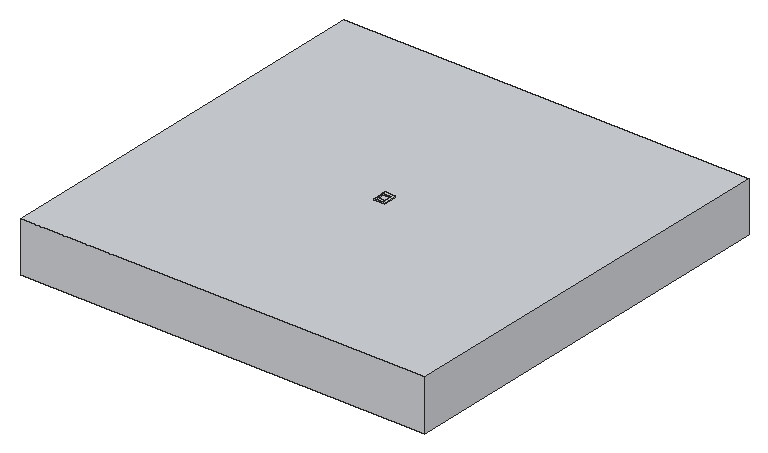
Revit family "KNS_KK_Аксессуар универсальный_2K_(Рамка+Суппорт+ЭУИ)_R19_IEK_2.0", category Соединительные детали воздуховодов, Revit 2019
Family settings
  Основа = Грань
  Размер круглого соединителя = Использовать диаметр
  Тип детали = Отвод
  При загрузке вырезать с полостями = Нет
  Общий = Нет
Parameters
  ЭУИ - Выбор [instance] = IEK_ЭУИ_Модульное_45x45 : 10A_250V_IP20_2K_Выключатель двухклавишный
  ЭУИ [instance] = no
  Default Elevation = 1219.2 mm
  ADSK_Наименование = "Неспецифицируемый"
  ADSK_Материал = Пластмасса, непрозрачная, белая
Reference planes
  plane 1 "По центру (Вперед/Назад)": y = 0
  plane 2: z = 0
  plane 3 "По центру (Влево/Вправо)": x = 0
  plane 4: x = 33.75
  plane 5: x = -33.75
  plane 6: y = 40
  plane 7: y = -40
  plane 8: z = 8.5
Forms (mm)
  Extrusion 1, solid
    sketch origin (0, 0, 0) x (1, 0, 0) y (0, 1, 0)
      loop
        line (-1219.2, 1219.2) -> (-1219.2, -1219.2) -> (1219.2, -1219.2) -> (1219.2, 1219.2) -> (-1219.2, 1219.2)
    from 0 to -304.8
Dimensions and locks
  aligned and locked: plane 2 to Extrusion 1
  aligned and locked: level to Extrusion 1
  aligned and locked: plane 3 "По центру (Влево/Вправо)" to nested 1
  aligned and locked: plane 1 "По центру (Вперед/Назад)" to nested 1
  aligned and locked: plane 3 "По центру (Влево/Вправо)" to nested 2
  aligned and locked: plane 1 "По центру (Вперед/Назад)" to nested 2
Nested families
  nested 1: "Рамка и суппорт" at (0, 0, 0), type "Рамка и суппорт"
  nested 2: "IEK_ЭУИ_Модульное_45x45" at (0, 0, 0), visible <- "ЭУИ", type <- "ЭУИ - Выбор", type "10A_250V_IP20_2K_Выключатель двухклавишный"
    with ADSK_Позиция ""
Definition of nested family "Рамка и суппорт"
  Parameters (values of type "Рамка и суппорт")
    Default Elevation = 1219.2 mm
    ADSK_Наименование = "Рамка и суппорт универсальные на 2 модуля белые IEK"
    ADSK_Материал = none
  Reference planes
    plane 1 "По центру (Вперед/Назад)": y = 0
    plane 2: z = 0
    plane 3 "По центру (Влево/Вправо)": x = 0
    plane 4: x = 33.75
    plane 5: x = -33.75
    plane 6: y = 40
    plane 7: y = -40
    plane 8: z = 8.5
  Forms (mm)
    Extrusion 1, solid
      sketch origin (0, 0, 0) x (1, 0, 0) y (0, 1, 0)
        loop
          line (-1219.2, 1219.2) -> (-1219.2, -1219.2) -> (1219.2, -1219.2) -> (1219.2, 1219.2) -> (-1219.2, 1219.2)
      from 0 to -304.8
    Extrusion 2, solid, material <- "ADSK_Материал", detail levels coarse+medium
      sketch origin (0, 0, 0) x (1, 0, 0) y (0, 1, 0)
        loop
          line (-33.75, 40) -> (-33.75, -40) -> (33.75, -40) -> (33.75, 40) -> (-33.75, 40)
      from 0 to 8.5
    Extrusion 3, void
      sketch origin (0, 0, 0) x (1, 0, 0) y (0, 1, 0)
        loop
          line (-22.5, 22.5) -> (-22.5, -22.5) -> (22.5, -22.5) -> (22.5, 22.5) -> (-22.5, 22.5)
      from -28.821 to 16.724
    Extrusion 4, void
      sketch origin (0, 0, 0) x (1, 0, 0) y (0, 1, 0)
        loop
          line (-22.5, 22.5) -> (-22.5, -22.5) -> (22.5, -22.5) -> (22.5, 22.5) -> (-22.5, 22.5)
      from 0 to 8.5
    Extrusion 5, solid, material <- "ADSK_Материал", detail levels fine
      sketch origin (0, 0, 0) x (1, 0, 0) y (0, 0, 1)
        loop
          line (33.75, 0) -> (33.75, 2.542)
          arc (33.75, 2.542) -> (29.43, 6.352) -> (24.085, 8.5) r 17
          line (24.085, 8.5) -> (-24.085, 8.5)
          arc (-24.085, 8.5) -> (-29.43, 6.352) -> (-33.75, 2.542) r 17
          line (-33.75, 2.542) -> (-33.75, 0) -> (33.75, 0)
      from -40 to 40
  Cuts and joins
    Extrusion 3 cuts Extrusion 2
    Extrusion 4 cuts Extrusion 5
  Dimensions and locks
    aligned and locked: plane 2 to Extrusion 1
    aligned and locked: level to Extrusion 1
    aligned and locked: plane 6 to Extrusion 2 sketch curve
    aligned and locked: Extrusion 2 sketch curve to plane 5
    aligned and locked: plane 7 to Extrusion 2 sketch curve
    aligned and locked: Extrusion 2 sketch curve to plane 4
    aligned and locked: Extrusion 2 to plane 8
    aligned and locked: Extrusion 5 to plane 6
    aligned and locked: Extrusion 5 to plane 7
Definition of nested family "IEK_ЭУИ_Модульное_45x45"
  Parameters (values of type "1.5A_150V_IP20_2K_Розетка компьютерная_Белая")
    Cost = 429.99
    Розетка телефонная = yes
    Розетка компьютерная = yes
    Розетка TV = no
    Розетка = no
    Default Elevation = 1219.2 mm
    Manufacturer = "IEK"  # constant formula
    Выключатель одноклавишный = no
    Выключатель двухклавишный = no
    URL = "https://www.iek.ru/"
    KSI_CPr_Строительные изделия = ""
    KSI_CMa_Строительные материалы = ""
    IEK_Цена с НДС = "429.99"
    IEK_Срок службы = "10 лет"
    IEK_Описание = "Электроустановочные изделия универсальной модульной системы 45х45, применяются для монтажа в кабель-каналы \"Праймер\" или коробки КМКУ, обеспечивают подключение силового и слаботочного оборудования. В состав входят выключатели, розетки силовые, розетки информационные."
    IEK_Монтажная температура = "-"
    IEK_Мин сечение = "-"
    IEK_Макс сечение = "-"
    IEK_Конфигуратор = "http://www.iek.ru/products/kns-configurator/"
    IEK_Гарантийный срок = "3 года"
    IEK_URL = "https://www.iek.ru/products/catalog/sistemy_dlya_prokladki_kabelya/kabel_kanaly_i_aksessuary/kabel_kanaly_parapetnye_i_aksessuary/elektroustanovochnye_izdeliya_praymer/elektroustanovochnye_izdeliya_praymer_slabotochnye/elektroustanovochnye_izdeliya_praymer_informatsionnye/rozetka_kompyuternaya_rki_20_00_p_rj_45_utp_kat_5e_na_2_modulya_praymer_belaya_iek"
    IEK_ID = "#501030302002"
    ADSK_Позиция [instance] = ""
    ADSK_Обозначение = ""
    ADSK_Наименование = "РКИ-20-00-П Розетка компьютерная RJ-45 UTP кат.5e (на 2 модуля) ПРАЙМЕР белая IEK"
    ADSK_Материал обозначение = "Пластик"
    ADSK_Материал наименование = "Термопласт"
    ADSK_Материал = none
    ADSK_Масса_Текст = "0.02"
    ADSK_Масса = 0.02
    ADSK_Марка = "PRIMER"
    ADSK_Код изделия = "CKK-40D-RI2-K01"
    ADSK_Классификация нагрузок = none
    ADSK_Завод-изготовитель = "IEK"  # constant formula
    ADSK_Единица измерения = "шт"  # constant formula
    ADSK_Группирование = ""
    ADSK_Версия семейства = "1.1"  # constant formula
    ADSK_Версия Revit = "2019"  # constant formula
    ADSK_URL страницы изделия = "https://www.iek.ru/products/catalog/sistemy_dlya_prokladki_kabelya/kabel_kanaly_i_aksessuary/kabel_kanaly_parapetnye_i_aksessuary/elektroustanovochnye_izdeliya_praymer/elektroustanovochnye_izdeliya_praymer_slabotochnye/elektroustanovochnye_izdeliya_praymer_informatsionnye/"
    ADSK_URL документации изделия = "https://www.iek.ru/upload/pictures/katalogi/ru_ru/5-catalog_kabeln_syst.pdf"
  Types (11, lengths in mm): name | Cost | Розетка телефонная | Розетка компьютерная | Розетка TV | Розетка | Выключатель одноклавишный | Выключатель двухклавишный | IEK_Цена с НДС | IEK_Срок службы | IEK_Монтажная температура | IEK_Мин сечение | IEK_Макс сечение | IEK_URL | IEK_ID | ADSK_Обозначение | ADSK_Наименование | ADSK_Масса_Текст | ADSK_Масса | ADSK_Код изделия | ADSK_Группирование | ADSK_URL страницы изделия
    16A_250V_IP20_2K_Розетка с заземляющим контактом_Белая | 240.98 | no | no | no | yes | no | no | "240.98" | "10 лет" | "-25…+40 °C" | "1,5х2,5" | "2х2,5" | "https://www.iek.ru/products/catalog/sistemy_dlya_prokladki_kabelya/kabel_kanaly_i_aksessuary/kabel_kanaly_parapetnye_i_aksessuary/elektroustanovochnye_izdeliya_praymer/elektroustanovochnye_izdeliya_praymer_silovye/rozetka_rks_20_30_p_k_s_zazemlyayushchim_kontaktom_2k_na_2_modulya_praymer_belaya_iek" | "#501030301005" | "ГОСТ Р 51322.1" | "РКС-20-30-П-К Розетка с з/к 2к (на 2 модуля) ПРАЙМЕР белая IEK" | "0.05" | 0.05 | "CKK-40D-RSZB2-K01-K" | "" | "https://www.iek.ru/products/catalog/sistemy_dlya_prokladki_kabelya/kabel_kanaly_i_aksessuary/kabel_kanaly_parapetnye_i_aksessuary/elektroustanovochnye_izdeliya_praymer/elektroustanovochnye_izdeliya_praymer_silovye/?class_id=218&pagec=100"
    10A_250V_IP20_2K_Розетка без заземляющего контакта_Белая | 227.37 | no | no | no | yes | no | no | "227.37" | "10 лет" | "-25…+40 °C" | "2х2,5" | "2х2,5" | "https://www.iek.ru/products/catalog/sistemy_dlya_prokladki_kabelya/kabel_kanaly_i_aksessuary/kabel_kanaly_parapetnye_i_aksessuary/elektroustanovochnye_izdeliya_praymer/elektroustanovochnye_izdeliya_praymer_silovye/rozetka_rks_20_20_p_k_bez_zazemlyayushchego_kontakta_2k_na_2_modulya_praymer_belaya_iek" | "#501030301003" | "ГОСТ Р 51322.1" | "РКС-20-20-П-К Розетка без з/к 2к (на 2 модуля) ПРАЙМЕР белая IEK" | "0.04" | 0.04 | "CKK-40D-RSB2-K01-K" | "" | "https://www.iek.ru/products/catalog/sistemy_dlya_prokladki_kabelya/kabel_kanaly_i_aksessuary/kabel_kanaly_parapetnye_i_aksessuary/elektroustanovochnye_izdeliya_praymer/elektroustanovochnye_izdeliya_praymer_silovye/?class_id=218&pagec=100"
    10A_250V_IP20_2K_Розетка без заземляющего контакта_Красная | 227.37 | no | no | no | yes | no | no | "227.37" | "10 лет" | "-25…+40 °C" | "2х2,5" | "2х2,5" | "https://www.iek.ru/products/catalog/sistemy_dlya_prokladki_kabelya/kabel_kanaly_i_aksessuary/kabel_kanaly_parapetnye_i_aksessuary/elektroustanovochnye_izdeliya_praymer/elektroustanovochnye_izdeliya_praymer_silovye/rozetka_rks_20_22_p_k_bez_zazemlyayushchego_kontakta_2k_na_2_modulya_praymer_krasnaya_iek" | "#501030301004" | "ГОСТ Р 51322.1" | "РКС-20-22-П-К Розетка без з/к 2к (на 2 модуля) ПРАЙМЕР красная IEK" | "0.04" | 0.04 | "CKK-40D-RSK2-K04-K" | "Электроустановочные изделия для кабель-каналов" | "https://www.iek.ru/products/catalog/sistemy_dlya_prokladki_kabelya/kabel_kanaly_i_aksessuary/kabel_kanaly_parapetnye_i_aksessuary/elektroustanovochnye_izdeliya_praymer/elektroustanovochnye_izdeliya_praymer_silovye/?class_id=218&pagec=100"
    16A_250V_IP20_2K_Розетка с заземляющим контактом_Красная | 240.98 | no | no | no | yes | no | no | "240.98" | "10 лет" | "-25…+40 °C" | "1,5х2,5" | "2х2,5" | "https://www.iek.ru/products/catalog/sistemy_dlya_prokladki_kabelya/kabel_kanaly_i_aksessuary/kabel_kanaly_parapetnye_i_aksessuary/elektroustanovochnye_izdeliya_praymer/elektroustanovochnye_izdeliya_praymer_silovye/rozetka_rks_20_32_p_k_s_zazemlyayushchim_kontaktom_2k_na_2_modulya_praymer_krasnaya_iek" | "#501030301006" | "ГОСТ Р 51322.1" | "РКС-20-32-П-К Розетка с з/к 2к (на 2 модуля) ПРАЙМЕР красная IEK" | "0.05" | 0.05 | "CKK-40D-RSZK2-K04-K" | "Электроустановочные изделия для кабель-каналов" | "https://www.iek.ru/products/catalog/sistemy_dlya_prokladki_kabelya/kabel_kanaly_i_aksessuary/kabel_kanaly_parapetnye_i_aksessuary/elektroustanovochnye_izdeliya_praymer/elektroustanovochnye_izdeliya_praymer_silovye/?class_id=218&pagec=100"
    10A_250V_IP20_2K_Выключатель одноклавишный | 296.67 | no | no | no | no | yes | no | "296.67" | "15 лет" | "-15...+60 °C" | "-" | "-" | "https://www.iek.ru/products/catalog/sistemy_dlya_prokladki_kabelya/kabel_kanaly_i_aksessuary/kabel_kanaly_parapetnye_i_aksessuary/elektroustanovochnye_izdeliya_praymer/elektroustanovochnye_izdeliya_praymer_silovye/vyklyuchatel_odnoklavishnyy_vko_21_00_p_na_2_modulya_praymer_belyy_iek" | "#501030301008" | "ГОСТ Р 51324.1-2012" | "Выключатель одноклавишный ВКО-21-00-П (на 2 модуля) ПРАЙМЕР белый IEK" | "0.04" | 0.04 | "CKK-40D-VO2-K01" | "" | "https://www.iek.ru/products/catalog/sistemy_dlya_prokladki_kabelya/kabel_kanaly_i_aksessuary/kabel_kanaly_parapetnye_i_aksessuary/elektroustanovochnye_izdeliya_praymer/elektroustanovochnye_izdeliya_praymer_silovye/?pagec=100"
    10A_250V_IP20_2K_Выключатель двухклавишный | 296.67 | no | no | no | no | no | yes | "296.67" | "15 лет" | "-15...+60 °C" | "-" | "-" | "https://www.iek.ru/products/catalog/sistemy_dlya_prokladki_kabelya/kabel_kanaly_i_aksessuary/kabel_kanaly_parapetnye_i_aksessuary/elektroustanovochnye_izdeliya_praymer/elektroustanovochnye_izdeliya_praymer_silovye/vyklyuchatel_dvukhklavishnyy_vk1_22_00_p_na_2_modulya_praymer_belyy_iek" | "#501030301007" | "ГОСТ Р 51324.1-2012" | "ВК1-22-00-П Выключатель двухклавишный (на 2 модуля) ПРАЙМЕР белый IEK" | "0.04" | 0.04 | "CKK-40D-VD2-K01" | "" | "https://www.iek.ru/products/catalog/sistemy_dlya_prokladki_kabelya/kabel_kanaly_i_aksessuary/kabel_kanaly_parapetnye_i_aksessuary/elektroustanovochnye_izdeliya_praymer/elektroustanovochnye_izdeliya_praymer_silovye/?pagec=100"
    10A_250V_IP20_2K_Переключатель одноклавишный | 298.52 | no | no | no | no | yes | no | "298.52" | "15 лет" | "-15...+60 °C" | "-" | "-" | "https://www.iek.ru/products/catalog/sistemy_dlya_prokladki_kabelya/kabel_kanaly_i_aksessuary/kabel_kanaly_parapetnye_i_aksessuary/elektroustanovochnye_izdeliya_praymer/elektroustanovochnye_izdeliya_praymer_silovye/vyklyuchatel_prokhodnoy_pereklyuchatel_odnoklavishnyy_vk4_21_00_p_na_2_modulya_praymer_belyy_iek" | "#501030301002" | "ГОСТ Р 51324.1-2012" | "ВК4-21-00-П Выключатель проходной (переключатель) одноклавишный (на 2 модуля) ПРАЙМЕР белый IEK" | "0.04" | 0.04 | "CKK-40D-PO2-K01" | "" | "https://www.iek.ru/products/catalog/sistemy_dlya_prokladki_kabelya/kabel_kanaly_i_aksessuary/kabel_kanaly_parapetnye_i_aksessuary/elektroustanovochnye_izdeliya_praymer/elektroustanovochnye_izdeliya_praymer_silovye/?pagec=100"
    10A_250V_IP20_2K_Переключатель двухклавишный | 298.52 | no | no | no | no | no | yes | "298.52" | "15 лет" | "-15...+60 °C" | "-" | "-" | "https://www.iek.ru/products/catalog/sistemy_dlya_prokladki_kabelya/kabel_kanaly_i_aksessuary/kabel_kanaly_parapetnye_i_aksessuary/elektroustanovochnye_izdeliya_praymer/elektroustanovochnye_izdeliya_praymer_silovye/vyklyuchatel_prokhodnoy_pereklyuchatel_dvukhklavishnyy_vk4_22_00_p_na_2_modulya_praymer_belyy_iek" | "#501030301001" | "ГОСТ Р 51324.1-2012" | "ВК4-22-00-П Выключатель проходной (переключатель) двухклавишный (на 2 модуля) ПРАЙМЕР белый IEK" | "0.04" | 0.04 | "CKK-40D-PD2-K01" | "" | "https://www.iek.ru/products/catalog/sistemy_dlya_prokladki_kabelya/kabel_kanaly_i_aksessuary/kabel_kanaly_parapetnye_i_aksessuary/elektroustanovochnye_izdeliya_praymer/elektroustanovochnye_izdeliya_praymer_silovye/?pagec=100"
    IP20_2K_Розетка TV_Белая | 234.48 | no | no | yes | no | no | no | "234.48" | "10 лет" | "-" | "-" | "-" | "https://www.iek.ru/products/catalog/sistemy_dlya_prokladki_kabelya/kabel_kanaly_i_aksessuary/kabel_kanaly_parapetnye_i_aksessuary/elektroustanovochnye_izdeliya_praymer/elektroustanovochnye_izdeliya_praymer_slabotochnye/elektroustanovochnye_izdeliya_praymer_multimediynye/rozetka_tv_okonechnaya_rkt_20_00_p_na_2_modulya_praymer_belaya_iek" | "#501030302001" | "ГОСТ Р 51322.1" | "РКТ-20-00-П Розетка TV оконечная (на 2 модуля) ПРАЙМЕР белая IEK" | "0.03" | 0.03 | "CKK-40D-TV1-K01" | "" | "https://www.iek.ru/products/catalog/sistemy_dlya_prokladki_kabelya/kabel_kanaly_i_aksessuary/kabel_kanaly_parapetnye_i_aksessuary/elektroustanovochnye_izdeliya_praymer/elektroustanovochnye_izdeliya_praymer_slabotochnye/elektroustanovochnye_izdeliya_praymer_multimediynye/"
    1.5A_150V_IP20_2K_Розетка компьютерная_Белая | 429.99 | yes | yes | no | no | no | no | "429.99" | "10 лет" | "-" | "-" | "-" | "https://www.iek.ru/products/catalog/sistemy_dlya_prokladki_kabelya/kabel_kanaly_i_aksessuary/kabel_kanaly_parapetnye_i_aksessuary/elektroustanovochnye_izdeliya_praymer/elektroustanovochnye_izdeliya_praymer_slabotochnye/elektroustanovochnye_izdeliya_praymer_informatsionnye/rozetka_kompyuternaya_rki_20_00_p_rj_45_utp_kat_5e_na_2_modulya_praymer_belaya_iek" | "#501030302002" | "" | "РКИ-20-00-П Розетка компьютерная RJ-45 UTP кат.5e (на 2 модуля) ПРАЙМЕР белая IEK" | "0.02" | 0.02 | "CKK-40D-RI2-K01" | "" | "https://www.iek.ru/products/catalog/sistemy_dlya_prokladki_kabelya/kabel_kanaly_i_aksessuary/kabel_kanaly_parapetnye_i_aksessuary/elektroustanovochnye_izdeliya_praymer/elektroustanovochnye_izdeliya_praymer_slabotochnye/elektroustanovochnye_izdeliya_praymer_informatsionnye/"
    1.5A_150V_IP20_2K_Розетка телефонная_Белая | 329.66 | yes | yes | no | no | no | no | "329.66" | "10 лет" | "-" | "-" | "-" | "https://www.iek.ru/products/catalog/sistemy_dlya_prokladki_kabelya/kabel_kanaly_i_aksessuary/kabel_kanaly_parapetnye_i_aksessuary/elektroustanovochnye_izdeliya_praymer/elektroustanovochnye_izdeliya_praymer_slabotochnye/elektroustanovochnye_izdeliya_praymer_informatsionnye/rozetka_telefonnaya_rkf_20_00_p_rj_11_kat_3_na_2_modulya_praymer_belaya_iek" | "#501030302003" | "" | "РКФ-20-00-П Розетка телефонная RJ-11 кат.3 (на 2 модуля) ПРАЙМЕР белая IEK" | "0.03" | 0.03 | "CKK-40D-RT2-K01" | "" | "https://www.iek.ru/products/catalog/sistemy_dlya_prokladki_kabelya/kabel_kanaly_i_aksessuary/kabel_kanaly_parapetnye_i_aksessuary/elektroustanovochnye_izdeliya_praymer/elektroustanovochnye_izdeliya_praymer_slabotochnye/elektroustanovochnye_izdeliya_praymer_informatsionnye/"
  Reference planes
    plane 1 "По центру (Вперед/Назад)": y = 0
    plane 2: z = 0
    plane 3 "По центру (Влево/Вправо)": x = 0
    plane 4: x = 33.75
    plane 5: x = -33.75
    plane 6: y = 40
    plane 7: y = -40
    plane 8: z = 7
  Forms (mm)
    Extrusion 1, solid
      sketch origin (0, 0, 0) x (1, 0, 0) y (0, 1, 0)
        loop
          line (-1219.2, 1219.2) -> (-1219.2, -1219.2) -> (1219.2, -1219.2) -> (1219.2, 1219.2) -> (-1219.2, 1219.2)
      from 0 to -304.8
    Extrusion 2, solid, material <- "ADSK_Материал", visible <- "Розетка", detail levels fine
      sketch origin (0, 0, 0) x (1, 0, 0) y (0, 1, 0)
        loop
          line (-22.5, 22.5) -> (-22.5, -22.5) -> (22.5, -22.5) -> (22.5, 22.5) -> (-22.5, 22.5)
      from 0 to 7
    Extrusion 3, void, detail levels fine
      sketch origin (0, 0, 0) x (1, 0, 0) y (0, 1, 0)
        loop
          circle (0, 0) r 20
      from 1.5 to 8.121
    Extrusion 4, void
      sketch origin (0, 0, 0) x (1, 0, 0) y (0, 1, 0)
        loop
          circle (0, 0) r 17.997
      from 0.564 to 1.5
    Extrusion 5, void
      sketch origin (0, 0, 0) x (1, 0, 0) y (0, 1, 0)
        loop
          circle (-9.5, 0) r 2.85
        loop
          circle (9.5, 0) r 2.85
      from -2.408 to 0.564
    Extrusion 6, solid, material <- "ADSK_Материал", detail levels coarse+medium
      sketch origin (0, 0, 0) x (1, 0, 0) y (0, 1, 0)
        loop
          line (-22.5, 22.5) -> (-22.5, -22.5) -> (22.5, -22.5) -> (22.5, 22.5) -> (-22.5, 22.5)
      from 0 to 7
    Extrusion 7, solid, visible <- "Выключатель одноклавишный"
      sketch origin (0, 0, 1.484) x (0, 1, 0) y (0, 0, 1)
        loop
          line (22.5, 3.516) -> (22.5, 12) -> (-22.5, 7) -> (-22.5, -1.484) -> (22.5, 3.516)
      from -22.5 to 22.5
    Extrusion 8, solid, visible <- "Выключатель двухклавишный"
      sketch origin (0, 0, 1.484) x (0, 1, 0) y (0, 0, 1)
        loop
          line (22.5, 3.516) -> (22.5, 12) -> (-22.5, 7) -> (-22.5, -1.484) -> (22.5, 3.516)
      from 0.107 to 22.5
    Extrusion 9, solid, visible <- "Выключатель двухклавишный"
      sketch origin (0, 0, 1.484) x (0, 1, 0) y (0, 0, -1)
        loop
          line (22.5, -3.516) -> (-22.5, 1.484) -> (-22.5, -7) -> (22.5, -12) -> (22.5, -3.516)
      from 0.107 to 22.5
    Extrusion 10, solid, material <- "ADSK_Материал", visible <- "Розетка TV", detail levels fine
      sketch origin (0, 0, 0) x (1, 0, 0) y (0, 1, 0)
        loop
          line (-22.5, 22.5) -> (-22.5, -22.5) -> (22.5, -22.5) -> (22.5, 22.5) -> (-22.5, 22.5)
      from 0 to 7
    Extrusion 11, void
      sketch origin (0, 0, 0) x (1, 0, 0) y (0, 1, 0)
        loop
          circle (0, 0) r 6.991
      from 1.5 to 7
    Extrusion 12, solid, material <- "ADSK_Материал", visible <- "Розетка компьютерная", detail levels fine
      sketch origin (0, 0, 0) x (1, 0, 0) y (0, 1, 0)
        loop
          line (-22.5, 22.5) -> (-22.5, -22.5) -> (22.5, -22.5) -> (22.5, 22.5) -> (-22.5, 22.5)
      from 0 to 7
    Extrusion 13, void
      sketch origin (0, 0, 0) x (1, 0, 0) y (0, 1, 0)
        loop
          line (0, -7.964) -> (2.5, -7.964) -> (2.5, -6.998) -> (4.519, -6.998) -> (4.519, 2.036) -> (-4.519, 2.036) -> (-4.519, -6.998) -> (-2.5, -6.998) -> (-2.5, -7.964) -> (0, -7.964)
      from 0.802 to 7
  Cuts and joins
    Extrusion 3, Extrusion 4, Extrusion 5 cuts Extrusion 2
    Extrusion 11 cuts Extrusion 10
    Extrusion 13 cuts Extrusion 12
  Dimensions and locks
    plane 5 to Extrusion 2 to Extrusion 2 to plane 4 = 11.25 mm locked, 45 mm locked, 11.25 mm locked
    plane 7 to Extrusion 2 to Extrusion 2 to plane 6 = 17.5 mm locked, 45 mm locked, 17.5 mm locked
    locked: Extrusion 10 to Extrusion 10 at 45  (x2)
    locked: Extrusion 12 to Extrusion 12 at 45  (x2)
    aligned and locked: plane 2 to Extrusion 1
    aligned and locked: level to Extrusion 1
    aligned and locked: Extrusion 2 to plane 8
    aligned and locked: Extrusion 5 to cut or joined group of Extrusion 2, Extrusion 3, Extrusion 4, Extrusion 5
    aligned and locked: Extrusion 7 to cut or joined group of Extrusion 2, Extrusion 3, Extrusion 4, Extrusion 5  (x2)
  Connectors
    electrical at (0, 0, 0), driven by "ADSK_Классификация нагрузок"
      settings: on Extrusion 2, index 1, voltage 250 V, apparent load 0 VA, apparent load phase1 0 VA, apparent load phase2 0 VA, apparent load phase3 0 VA, power factor 1, load classification none, number of poles 1, system type 31, power factor state 1, is connector primary yes, connector utility no, sub classification motor no, connector description ""
